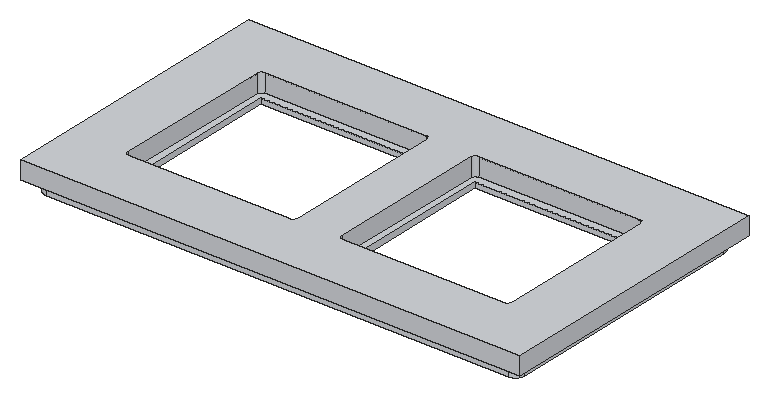
Revit family "Gira_0212219", category Electrical Fixtures, host Face, Revit 2017
Family settings
  Host = Face
  Maintain Annotation Orientation = No
  Round Connector Dimension = Use Diameter
  Part Type = Normal
  Cut with Voids When Loaded = No
  Shared = No
  Room Calculation Point = No
Parameters (values of type "Cov.fr. 2-g Gira Esprit stainl.steel")
  With mounting grid = "No"
  With hinged lid = "No"
  URL = "http://katalog.gira.de/en/datenblatt.html?artikelnr=0212219"
  Type of fastening = "Clamp mounting"
  Transparent = "No"
  Surface protection = "Other"
  Suitable for wall duct = "No"
  Suitable for flush-mounted installation = "Yes"
  Suitable for floor box = "No"
  Suitable for built-in installation = "No"
  Number of units vertical = "2"
  Number of units horizontal = "2"
  Number of units = "2"
  Name = "Cov.fr. 2-g Gira Esprit stainl.steel"
  Mounting direction = "Horizontal and vertical"
  Material quality = "Stainless steel"
  Material = "Metal"
  Manufacturer URL = "https://www.gira.de/"
  Manufacturer = "Gira"
  Label space/information surface = "No"
  Keynote = ""
  HeinzeBIM = "https://bimportal.heinze.de/bim/cov-fr-2-g-gira-esprit-stainl-steel/04d78497f0270791a1d1a9a6425955b0c6c0128c"
  Halogen free = "No"
  HAN = "0212219"
  GTIN = "4010337015772"
  Description = "Cov.fr.2g Espr. SST,Gira Esprit cover frame,Stainless steel,2-gang,Features:,- Brushed stainless steel."
  Degree of protection (IP) = "IP20"
  Default Elevation = 1219.2 mm
  Data sheet (1) = "https://katalog.gira.de/en/download.html?artikelnr=0212219"
  Colour = "Stainless steel"
  Category = "Cover frame for domestic switching devices"
  BIM (1) = "https://media.stage.bim.site/public/gira/36a6b08/Espr._Rahmen_2fach.rfa"
  Available = "No"
Reference planes
  plane 1 "Center (Front/Back)": y = 0
  plane 2: z = 0
  plane 3 "Center (Left/Right)": x = 0
Forms (mm)
  Extrusion 1, solid, detail levels fine
    sketch origin (0, 0, 0) x (1, 0, 0) y (0, 1, 0)
      loop
        line (-83, 47.5) -> (-83, -47.5) -> (83, -47.5) -> (83, 47.5) -> (-83, 47.5)
      loop
        arc (-63.75, -26.7) -> (-63.311, -27.761) -> (-62.25, -28.2) r 1.5
        line (-62.25, -28.2) -> (-8.85, -28.2)
        arc (-8.85, -28.2) -> (-7.789, -27.761) -> (-7.35, -26.7) r 1.5
        line (-7.35, -26.7) -> (-7.35, 26.7)
        arc (-7.35, 26.7) -> (-7.789, 27.761) -> (-8.85, 28.2) r 1.5
        line (-8.85, 28.2) -> (-62.25, 28.2)
        arc (-62.25, 28.2) -> (-63.311, 27.761) -> (-63.75, 26.7) r 1.5
        line (-63.75, 26.7) -> (-63.75, -26.7)
      loop
        line (63.75, -26.7) -> (63.75, 26.7)
        arc (63.75, 26.7) -> (63.311, 27.761) -> (62.25, 28.2) r 1.5
        line (62.25, 28.2) -> (8.85, 28.2)
        arc (8.85, 28.2) -> (7.789, 27.761) -> (7.35, 26.7) r 1.5
        line (7.35, 26.7) -> (7.35, -26.7)
        arc (7.35, -26.7) -> (7.789, -27.761) -> (8.85, -28.2) r 1.5
        line (8.85, -28.2) -> (62.25, -28.2)
        arc (62.25, -28.2) -> (63.311, -27.761) -> (63.75, -26.7) r 1.5
    from 0 to 6
  Extrusion 2, solid, detail levels fine
    sketch origin (0, 0, 0) x (1, 0, 0) y (0, 1, 0)
      loop
        line (-61.45, -25.7) -> (-9.65, -25.7) -> (-9.65, 25.7) -> (-61.45, 25.7) -> (-61.45, -25.7)
      loop
        line (61.45, 25.7) -> (9.65, 25.7) -> (9.65, -25.7) -> (61.45, -25.7) -> (61.45, 25.7)
      loop
        arc (-78.454, -41.3) -> (-77.927, -42.573) -> (-76.654, -43.1) r 1.8
        line (-76.654, -43.1) -> (76.654, -43.1)
        arc (76.654, -43.1) -> (77.927, -42.573) -> (78.454, -41.3) r 1.8
        line (78.454, -41.3) -> (78.454, 41.3)
        arc (78.454, 41.3) -> (77.927, 42.573) -> (76.654, 43.1) r 1.8
        line (76.654, 43.1) -> (-76.654, 43.1)
        arc (-76.654, 43.1) -> (-77.927, 42.573) -> (-78.454, 41.3) r 1.8
        line (-78.454, 41.3) -> (-78.454, -41.3)
    from -1.9 to 0
  Extrusion 3, solid, detail levels fine
    sketch origin (0, 0, 0) x (1, 0, 0) y (0, 1, 0)
      loop
        arc (-76.75, 44.4) -> (-78.871, 43.521) -> (-79.75, 41.4) r 3
        line (-79.75, 41.4) -> (-79.75, -41.4)
        arc (-79.75, -41.4) -> (-78.871, -43.521) -> (-76.75, -44.4) r 3
        line (-76.75, -44.4) -> (76.75, -44.4)
        arc (76.75, -44.4) -> (78.871, -43.521) -> (79.75, -41.4) r 3
        line (79.75, -41.4) -> (79.75, 41.4)
        arc (79.75, 41.4) -> (78.871, 43.521) -> (76.75, 44.4) r 3
        line (76.75, 44.4) -> (-76.75, 44.4)
      loop
        arc (-78.55, -41.4) -> (-78.023, -42.673) -> (-76.75, -43.2) r 1.8
        line (-76.75, -43.2) -> (76.75, -43.2)
        arc (76.75, -43.2) -> (78.023, -42.673) -> (78.55, -41.4) r 1.8
        line (78.55, -41.4) -> (78.55, 41.4)
        arc (78.55, 41.4) -> (78.023, 42.673) -> (76.75, 43.2) r 1.8
        line (76.75, 43.2) -> (-76.75, 43.2)
        arc (-76.75, 43.2) -> (-78.023, 42.673) -> (-78.55, 41.4) r 1.8
        line (-78.55, 41.4) -> (-78.55, -41.4)
    from -3.7 to 0
  Extrusion 4, solid, detail levels medium
    sketch origin (0, 0, 0) x (1, 0, 0) y (0, 1, 0)
      loop
        line (-83, 47.5) -> (-83, -47.5) -> (83, -47.5) -> (83, 47.5) -> (-83, 47.5)
    from 0 to 6
  Extrusion 5, solid, detail levels medium
    sketch origin (0, 0, 0) x (1, 0, 0) y (0, 1, 0)
      loop
        line (-79.75, 44.4) -> (-79.75, -44.4) -> (79.75, -44.4) -> (79.75, 44.4) -> (-79.75, 44.4)
    from -3.7 to 0
  Extrusion 6, solid, detail levels coarse
    sketch origin (0, 0, 0) x (1, 0, 0) y (0, 1, 0)
      loop
        line (-83, 47.5) -> (-83, -47.5) -> (83, -47.5) -> (83, 47.5) -> (-83, 47.5)
    from -3.7 to 6
Dimensions and locks
  aligned and locked: plane 2 to host face
  aligned and locked: level to host face
